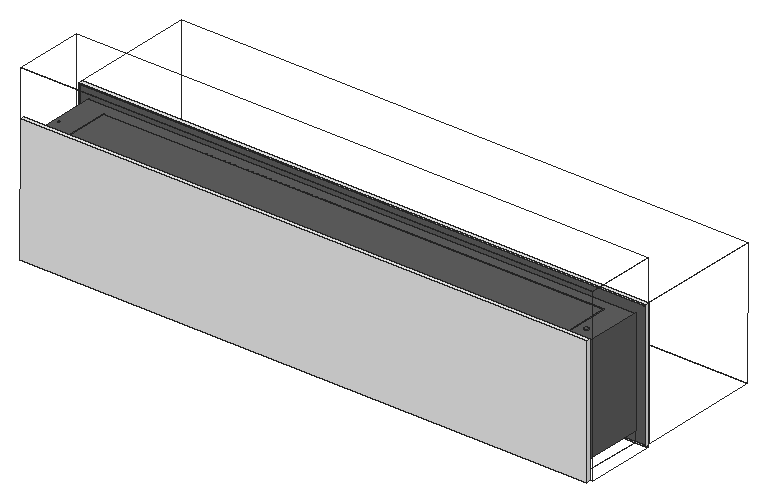
Revit family "AIRTECNICS_AIR CURTAIN_ZEN_DX-VRF_(TOSHIBA)123", category Mechanical Equipment, Revit 2016
Family settings
  Part Type = Normal
  Round Connector Dimension = Use Diameter
  OmniClass Number = 23.75.70.21.17
  OmniClass Title = Air Curtains
  Work Plane-Based = No
  Always vertical = Yes
  Cut with Voids When Loaded = No
  Shared = No
  Room Calculation Point = No
Parameters (values of type "ZEN ECG 2000 DX/VRF-TO")
  · POSITION · [instance] = "-/ Select Curtain Position /-"  # constant formula
  · PIPES POSITION · [instance] = "-/ Select Pipes Position /-"  # constant formula
  · OTHERS · [instance] = "-/ Select Supports - Inst.Maint. Space /-"  # constant formula
  · HEATING · [instance] = "-/ Select Heating /-"  # constant formula
  · EXTERNAL UNIT · [instance] = "-/ Select External Unit Type /-"  # constant formula
  · COIL ROWS · [instance] = "-/ Select DX Coil Rows /-"  # constant formula
  Weight [instance] = size_lookup(Name_Lookup_Data, "Weight", 1.00 kg, COD)  # 78.00 kg
  Voltage = 230 V  # constant formula
  URL_Manufacturer = "https://www.airtecnics.com/"
  URL_Datasheet = "https://www.airtecnics.com/download/file/5905/zen-dx-toshiba-1-1-and-vrf.pdf"
  Triple Phase (External Ut.) [instance] = yes
  Supports Length [instance] = 0.0 mm
  Supports (Horizontal) [instance] = if(and(Horizontal, Supports Length > 0.0 mm), 1 = 1, 1 = 0)  # no
  Single Phase (External Ut.) [instance] = not([Triple Phase (External Ut.)])  # no
  Revit Version = "Revit 2016 - English"  # constant formula
  Review Date = "10/2018"  # constant formula
  Remote Control = "-"  # constant formula
  URL = "https://www.airtecnics.com/products/heat-pump-air-curtain-zen-dx-for-toshiba"
  Refrigerant Pipes_P4 [instance] = no
  Refrigerant Pipes_P3 [instance] = no
  Refrigerant Pipes_P2 [instance] = if(or(Refrigerant Pipes_P1, Refrigerant Pipes_P3, Refrigerant Pipes_P4), 1 = 0, 1 = 1)  # yes
  Refrigerant Pipes_P1 [instance] = no
  REF [instance] = if(DX 1:1, 1, 0) + if(L = 1000.0 mm, 10, 0) + if(L = 1500.0 mm, 20, 0) + if(L = 2000.0 mm, 40, 0) + if(L = 2500.0 mm, 80, 0) + if([DX Coil Rows = 3], 100, 0) + if([Triple Phase (External Ut.)], 1000, 0)  # 1041
  Product Size = if(L = 1000.0 mm, "1000", if(L = 1500.0 mm, "1500", if(L = 2000.0 mm, "2000", "2500")))  # "2000"
  Product Reference [instance] = size_lookup(Name_Lookup_Ref, "", "Consult Manufacturer", COD, OPT)  # "ZEN ECG 2000 DX22-TO"
  Product Heating [instance] = if(DX 1:1, "Direct Expansion 1:1 system", "Direct Expansion VRF system")  # "Direct Expansion 1:1 system"
  Product Description [instance] = size_lookup(Name_Lookup_Data, "", "Consult Manufacturer", COD, OPT)  # "Decorative energy saving heat pump air curtain in contemporary architectural style: Up to 70% reduction in costs and CO2 emissions (heating mode).\r\nIts minimalist and smart design integrates in any environment and offers infinite options to customize.\r\nThe panels can include logos, lighting, signage, safety or information signs, graphics, pictures, clocks, all according to customer specifications.\r\nFront anodized aluminium panels. Optionally manufactured in brushed or mirror polished stainless steel. Other materials are possible, such as galvanized steel, smooth or texturated skinplate, wood, etc.\r\nCentral structure made of galvanized steel finished in black forge as standard. Other colours are available on request. \r\nAnodized aluminium outlet vanes, airfoil shaped, adjustable in both directions.\r\nDouble-inlet centrifugal fans driven by an external rotor motor and low noise level. 5-speed selector. EC models assembled with very low consumption efficiency fans. \r\nIncludes only heating direct expansion coil with installed temperature sensors.\r\nPlug&Play control panel CS-5DX-NE slave DX with 5 speeds selector and 7m telephone cable included.\r\nReady to connect to TOSHIBA Inverter outdoor heat pump unit (R410A) with expansion valve, not included, the customer should purchase it.\r\nRequires TOSHIBA DX Interface KIT adapted for air curtain RAV-DXC010 and RBC-AMT32-E programmable control, please consult.\r\nAir Volume: 4380 m3/h \r\nFans:  0,426 kW  3,72 A 230Vx1 50/60Hz\r\nHeating capacity: 22,40 kW\r\nDimensions: 291x473x2120 mm (depth, height, length)\r\nNOT SUPPLIED BY AIRTÈCNICS:\r\nRAV-DXC010 Interface DX kit and RBC-AMT32-E programmable control.\r\nExternal unit:\r\n RAV-SM2244AT8-EExternal unit with direct expansion valve Toshiba, triple phase motor 400Vx3 50Hz.\r\nHeating capacity 22,4kW. Heating power: 6,49kW. COP 3,45.\r\nCooling capacity 20kW. Cooling power 7,2kW. EER 2,78.\r\nCooling circuits 1\"1/8 - 1/2\".\r\nMinimum length 7,5m.\r\nMaximum length 70m.\r\nDesnivell màxim 30m."
  Power Fans Factor [instance] = 0.5  # constant formula
  Power Fans [instance] = size_lookup(Name_Lookup_Data, "Power Fans", 1 kW, COD)  # 0.426 kW
  OPT [instance] = if([Alternative Triple Phase (External Ut.) ECG 2000 DX], 1, 0)  # 0
  Noise Level (dB(A)) [instance] = size_lookup(Name_Lookup_Data, "Noise Level (dB(A))", 1, COD)  # 63
  Name_Lookup_Ref_EU = "ZEN_(DX TOSHIBA)_Ref-EU_Lookup"  # constant formula
  Name_Lookup_Ref = "ZEN_(DX TOSHIBA)_Ref_Lookup"  # constant formula
  Name_Lookup_Data = "ZEN_(DX TOSHIBA)_Data_Lookup"  # constant formula
  Model = "Air Curtain ZEN DX/VRF TOSHIBA"  # constant formula
  Material Panels [instance] = AIRTECNICS_Alumium Anodized
  Material Grille = AIRTECNICS_Perforated_Black Forge
  Material Curtain [instance] = AIRTECNICS_Black Forge
  Mainfolds [instance] = if(or(L = 1000.0 mm, L = 1500.0 mm), "5/8'' & 3/8''", "1''1/8 & 1/2")  # "1''1/8 & 1/2"
  Length = if(L = 1000.0 mm, 1220.0 mm, if(L = 1500.0 mm, 1620.0 mm, if(L = 2000.0 mm, 2120.0 mm, 2620.0 mm)))  # 2120.0 mm
  Height = 473.0 mm  # constant formula
  Gas Coil Volume [instance] = size_lookup(Name_Lookup_Data, "Gas Coil Volume", 1000.00 L, COD)  # 4.10 L
  G = 1 = 1  # yes
  Frequency = 50 Hz  # constant formula
  Fans Stage = 5  # constant formula
  Family Version = "1.0"  # constant formula
  External Ut. Reference [instance] = size_lookup(Name_Lookup_Ref_EU, "", "Consult Manufacturer", REF, OPT)  # "RAV-SP2244AT8-E"
  Expansion Valve [instance] = if(and(L < 2500.0 mm, DX VRF), "MM-DXV140", if(and(L > 2499.0 mm, DX VRF), "MM-DXV280", "Included on External Unit"))  # "Included on External Unit"
  EC = 1 = 1  # yes
  Dn_Metric_Refrig_Liquid [instance] = 15 mm
  Dn_Metric_Refrig_Gas [instance] = 30 mm
  Depth = 291.0 mm  # constant formula
  DX VRF [instance] = no
  DX Kit [instance] = if(DX VRF, "MM-DXC010", "RAV-DXC010")  # "RAV-DXC010"
  DX Controller [instance] = "RBC-AMT32-E"  # constant formula
  DX Coil Rows = 4 [instance] = yes
  DX Coil Rows = 3 [instance] = if([DX Coil Rows = 4], 1 = 0, 1 = 1)  # no
  DX 1:1 [instance] = not(DX VRF)  # yes
  Current Fans [instance] = size_lookup(Name_Lookup_Data, "Current Fans", 1 A, COD)  # 3.72 A
  Created by = "BIMETRICAL"  # constant formula
  Control [instance] = "CS-5DX-NE"  # constant formula
  Capacity_Frig_Liquid [instance] = 0.0 L/s
  Capacity_Frig_Gas [instance] = 0.0 L/s
  Cable = "CB7"  # constant formula
  COD [instance] = if(DX 1:1, 1, 0) + if(L = 1000.0 mm, 10, 0) + if(L = 1500.0 mm, 20, 0) + if(L = 2000.0 mm, 40, 0) + if(L = 2500.0 mm, 80, 0) + if([DX Coil Rows = 3], 100, 0)  # 41
  Aspiration/Maintenance Space [instance] = yes
  Apparent Load [instance] = size_lookup(Name_Lookup_Data, "Apparent Load", 1 VA, COD)  # 852 VA
  Alternative Triple Phase (External Ut.) ECG 2000 DX [instance] = no
  Airflow [instance] = size_lookup(Name_Lookup_Data, "Airflow", 1 m³/h, COD)  # 4380 m³/h
  A [instance] = if(Horizontal, 236.5 mm, 0.0 mm)  # 236.5 mm
  L = 2000.0 mm
  Type Image = <None>
  IfcExportType = "DXCOOLINGCOIL"  # constant formula
  IfcExportAs = "IfcCoilType"  # constant formula
  Horizontal [instance] = 1 = 1  # yes
  Manufacturer = "AIRTECNICS"  # constant formula
  Description = ""
  Type Comments = "Decorative air curtain in contemporary architectural style. Its minimalist and smart design integrates in any environment and offers infinite options to customize.\r\nThe panels can include logos, lighting, signage, safety or information signs, graphics, pictures, clocks, all according to customer specifications.\r\nFront anodized aluminium panels. Optionally manufactured in brushed or mirror polished stainless steel. Other materials are possible, such as galvanized steel, smooth or texturated skinplate, wood, etc.\r\nCentral structure made of galvanized steel finished in black forge as standard. Other colours are available on request.\r\nAnodized aluminium outlet vanes, airfoil shaped, adjustable in both directions.\r\nDouble-inlet centrifugal fans driven by an external rotor motor and low noise level. 5-speed selector. EC models assembled with very low consumption efficiency fans.\r\n“P” type with water heated coil. “E” type with electrical shielded elements, three stages with integrated regulation. “A” type without heating, air only. Optional expansion DX coil.\r\nIncludes Plug&Play control with 7m RJ45 cable and infrared remote control. Optional: Clever control (programmable, automatic, intelligent, energy saving, Modbus RTU for BMS…)"  # constant formula
  BIMETRICAL Category = "Coil"  # constant formula
  BIMETRICAL = "http://www.bimetrical.com"  # constant formula
  Angle [instance] = if(Horizontal, 0.00°, 90.00°)  # 0.00°
Reference planes
  plane 1 "Centro (Frontal/Posterior)": z = 0
  plane 2: y = 246.57
  plane 3 "Centro (Izquierda/Derecha)": x = 0
  plane 4 "Susp": z = 236.5
Lines and regions (mm)
  reference lines
    curve 1: line (0, 246.57, 236.5) -> (-145, 246.57, 236.5)
Dimensions and locks
  locked: plane 2 to nested 1 at 145.5
  "A": plane 4 "Susp" to plane 1 "Centro (Frontal/Posterior)"
  "Angle": angle plane 4 "Susp" to curve 1
  aligned and locked: plane 3 "Centro (Izquierda/Derecha)" to curve 1
  aligned and locked: plane 4 "Susp" to curve 1
Nested families
  nested 1: "GEOM_ZEN_(DX)" at (0, 246.57, 236.5) x (0, 0, -1) z (1, 0, 0), type "GEOM_ZEN_(P)"
    with M 2066.5 mm, J 1014.0 mm, G 1022.0 mm, Dn_Metric_Refrig_Liquid 15 mm, Dn_Metric_Refrig_Gas 30 mm, COD 424, L 2000.0 mm, I 2044.0 mm, F 1990.0 mm, E 2120.0 mm, A 2015.0 mm
Connectors
  electrical at (-1007.5, 215.07, 433), driven by "Apparent Load", driven by "Voltage", driven by "Power Fans Factor", driven by "Apparent Load"
    settings: on nested 1, index 3, voltage 230 V, apparent load 852 VA, apparent load phase1 852 VA, apparent load phase2 0 VA, apparent load phase3 0 VA, power factor 0.5, load classification "HVAC", number of poles 1, system type 30, power factor state 1, is connector primary yes, connector utility no, sub classification motor no, connector description ""
  piping at (967, 155.07, 433), diameter 30, driven by "Dn_Metric_Refrig_Gas", driven by "Capacity_Frig_Gas"
    settings: on nested 1, index 4, connector inside diameter 609.6 mm, connector length 0.0 mm, flow factor 0, pipe flow 0.0 L/s, pressure drop 0.0 Pa, fitting loss kfactor 0, connector angle 0.00°, fixture units 0, engagement length 0.0 mm, angle of deflection 0.00°, flow configuration 1, flow direction 1, fitting loss method 0, system type 7, joint type 0, gender type 0, connector reference index -1, connector utility 0, adjustable connector no, is connector primary yes, connector description "In"
  piping at (967, 215.07, 433), diameter 15, driven by "Dn_Metric_Refrig_Liquid", driven by "Capacity_Frig_Liquid"
    settings: on nested 1, index 5, connector inside diameter 609.6 mm, connector length 0.0 mm, flow factor 0, pipe flow 0.0 L/s, pressure drop 0.0 Pa, fitting loss kfactor 0, connector angle 0.00°, fixture units 0, engagement length 0.0 mm, angle of deflection 0.00°, flow configuration 1, flow direction 2, fitting loss method 0, system type 8, joint type 0, gender type 0, connector reference index -1, connector utility 0, adjustable connector no, is connector primary no, connector description "Out"
Definition of nested family "GEOM_ZEN_(DX)"
  Parameters (values of type "GEOM_ZEN_(DX)")
    des.D = if(or(and(Vertical Right, V1), Horizontal), 361.0 mm, 0.0 mm)  # 361.0 mm
    des.C = if(or(and(Vertical Right, V1), Horizontal), 0.0 mm, 392.0 mm)  # 0.0 mm
    des.B = if(or(and(Vertical Right, V1), Horizontal), 0.0 mm, 298.3 mm)  # 0.0 mm
    Z = if(Horizontal, 0.0 mm, if(L = 1000.0 mm, E / 2 + 18.0 mm, E / 2 + 20.0 mm))  # 830.0 mm
    Vsup1 = if(and(Vsup, Horizontal, L_Sup > 0.0 mm), 1 = 1, 1 = 0)  # no
    Vsup = no
    Vs2 = if(L > 2000.0 mm, 1 = 1, 1 = 0)  # no
    Vs1 = if(L > 1000.0 mm, 1 = 1, 1 = 0)  # yes
    Vinst2 = if(or(Vinst1, not([Aspiration/Maintenance Space])), 1 = 0, 1 = 1)  # yes
    Vinst1 = if(and([Aspiration/Maintenance Space], V2), 1 = 1, 1 = 0)  # no
    Vertical Right = yes
    Vertical Left = if(Vertical Right, 1 = 0, 1 = 1)  # no
    Vertical = if(and(not(Horizontal), or(Vertical Right, Vertical Left)), 1 = 1, 1 = 0)  # yes
    V2 = if(Horizontal, 1 = 0, if(or(Horizontal, Vertical Left), 1 = 1, 1 = 0))  # no
    V1 = if(Horizontal, 1 = 1, if(and(Vertical Right, Vertical), 1 = 1, 1 = 0))  # yes
    Revit Version = "Revit 2016 - English"  # constant formula
    Review Date = "10/18"  # constant formula
    Refrigerant Pipes_P4 = no
    Refrigerant Pipes_P3 = no
    Refrigerant Pipes_P2 = yes
    Refrigerant Pipes_P1 = no
    O = if(L = 1000.0 mm, 54.5 mm, 52.5 mm)  # 52.5 mm
    Model = "ZEN DX"  # constant formula
    Material Perforated = none
    Material Panels = none
    Material Curtain = none
    Family Version = "2.0"  # constant formula
    Manufacturer = "AIRTECNICS"  # constant formula
    M = if(L = 1000.0 mm, L + 162.5 mm, L + 66.5 mm)  # 1566.5 mm
    Lookup_Dimensions.C2_Name = "C2_Dimensions_Lookup"  # constant formula
    Lookup_Dimensions.C1_Name = "C1_Dimensions_Lookup"  # constant formula
    L_Sup = 0.0 mm
    K = if(L = 2500.0 mm, 833.0 mm, 0.0 mm)  # 0.0 mm
    J = if(L = 1500.0 mm, 764.0 mm, if(L = 2000.0 mm, 1014.0 mm, if(L = 2500.0 mm, 847.0 mm, 573.5 mm)))  # 764.0 mm
    H = des.A + 51.0 mm  # 428.5 mm
    G = if(Vertical, I + 58.0 mm, F / 2 + 27.0 mm)  # 1602.0 mm
    Dn_Metric_Refrig_Liquid = 20 mm
    Dn_Metric_Refrig_Gas = 20 mm
    Created by = "BIMETRICAL"  # constant formula
    COD = if(and(Vertical Right, Vertical), 1, 0) + if(and(Vertical Left, Vertical), 2, 0) + if(Horizontal, 4, 0) + if(Refrigerant Pipes_P1, 10, 0) + if(Refrigerant Pipes_P2, 20, 0) + if(Refrigerant Pipes_P3, 40, 0) + if(Refrigerant Pipes_P4, 80, 0) + if(L = 1000.0 mm, 100, 0) + if(L = 1500.0 mm, 200, 0) + if(L = 2000.0 mm, 400, 0) + if(L = 2500.0 mm, 800, 0)  # 221
    C2_D = size_lookup(Lookup_Dimensions.C2_Name, "C2_D", 98.0 mm, COD)  # 98.0 mm
    C2_C = size_lookup(Lookup_Dimensions.C2_Name, "C2_C", 34.5 mm, COD)  # 34.5 mm
    C2_B = size_lookup(Lookup_Dimensions.C2_Name, "C2_B", 34.5 mm, COD)  # 34.5 mm
    C2_A = size_lookup(Lookup_Dimensions.C2_Name, "C2_A", 55.0 mm, COD)  # 55.0 mm
    C1_D = size_lookup(Lookup_Dimensions.C1_Name, "C1_D", 38.0 mm, COD)  # 38.0 mm
    C1_C = size_lookup(Lookup_Dimensions.C1_Name, "C1_C", 34.5 mm, COD)  # 34.5 mm
    C1_B = size_lookup(Lookup_Dimensions.C1_Name, "C1_B", 34.5 mm, COD)  # 34.5 mm
    C1_A = size_lookup(Lookup_Dimensions.C1_Name, "C1_A", 55.0 mm, COD)  # 55.0 mm
    L = 1500.0 mm
    des.A = if(or(and(Vertical Right, V1), Horizontal), 377.5 mm, 0.0 mm)  # 377.5 mm
    I = if(L = 1000.0 mm, L + 140.0 mm, L + 44.0 mm)  # 1544.0 mm
    Horizontal = no
    F = I - 54.0 mm  # 1490.0 mm
    E = if(L = 1000.0 mm, L + 220.0 mm, L + 120.0 mm)  # 1620.0 mm
    Default Elevation = 1219.2 mm
    BIMETRICAL = "http://www.bimetrical.com/"  # constant formula
    Aspiration/Maintenance Space = yes
    A.Conn_S = if(or(and(Vertical Right, V1), Horizontal), 180.00°, 0.00°)  # 180.00°
    A.Conn_E = if(or(and(Vertical Right, V1), Horizontal), 180.00°, 0.00°)  # 180.00°
    A.Conn_2 = size_lookup(Lookup_Dimensions.C2_Name, "A.Conn_2", 0.00°, COD)  # 0.00°
    A.Conn_1 = size_lookup(Lookup_Dimensions.C1_Name, "A.Conn_1", 0.00°, COD)  # 0.00°
    A = if(L = 1000.0 mm, L + 115.0 mm, L + 15.0 mm)  # 1515.0 mm
  Types (2, lengths in mm): name | Z | Vertical Right | Vertical Left | Vertical | G | COD | Horizontal
    GEOM_ZEN_(DX) | 830.0 | yes | no | yes | 1602.0 | 221 | no
    GEOM_ZEN_(P) | 0.0 | no | yes | no | 772.0 | 224 | yes
  Reference planes
    plane 1 "Centro (Frontal/Posterior)": y = 0
    plane 2: z = 0
    plane 3 "Centro (Izquierda/Derecha)": x = 0
    plane 4: z = 830
    plane 5: y = -73.25
    plane 6: x = -196.5
    plane 7: z = 1547
    plane 8 "TUBERIA 1": y = -91.5
    plane 9: z = 1602
    plane 10 "TUBERIA 2": x = -162
    plane 11: x = -196.5
    plane 12: y = -129.5
    plane 13: x = 181
    plane 14: x = 196.495
    plane 15: x = -162
    plane 16: z = 1547
    plane 17: y = -31.5
    plane 18: z = 2639.027
    plane 19: z = 20
    plane 20: z = 1639
    plane 21: z = 838
    plane 22: z = 838
    plane 23: z = 72.5
    plane 24: y = -31.5
    plane 25: y = -91.5
  Forms (mm)
    Extrusion 1, solid
      sketch origin (0, 0, 0) x (1, 0, 0) y (0, 1, 0)
        loop
          line (-1219.2, 1219.2) -> (-1219.2, -1219.2) -> (1219.2, -1219.2) -> (1219.2, 1219.2) -> (-1219.2, 1219.2)
      from 0 to -304.8
    Extrusion 2, solid, material <- "Material Panels"
      sketch origin (0, 0, 889.252) x (0, -1, 0) y (1, 0, 0)
        loop
          line (-145.5, 236.5) -> (-145.5, -236.5) -> (-129.5, -236.5) -> (-129.5, 236.5) -> (-145.5, 236.5)
        loop
          line (145.5, 236.5) -> (129.5, 236.5) -> (129.5, -236.5) -> (145.5, -236.5) -> (145.5, 236.5)
      from -869.252 to 750.748
    Extrusion 3, solid, material <- "Material Curtain"
      sketch origin (0, 0, 889.252) x (0, -1, 0) y (0, 0, 1)
        loop
          line (-129.5, 712.748) -> (-129.5, -831.252) -> (129.5, -831.252) -> (129.5, 712.748) -> (-129.5, 712.748)
      from -196.5 to 196.5
    Extrusion 4, void, detail levels medium+fine
      sketch origin (-64.7, -73.5, 0) x (1, 0, 0) y (0, 1, 0)
        loop
          line (261.195, -34.75) -> (261.195, 35.25) -> (245.7, 35.25) -> (245.7, -34.75) -> (261.195, -34.75)
      from 85 to 1575
    Extrusion 5, solid, visible <- "V1", detail levels medium+fine
      sketch origin (0, 0, 1310) x (0, -1, 0) y (-1, 0, 0)
        loop
          line (58.464, -173.27) -> (61.756, -192)
          arc (61.756, -192) -> (63.451, -193.452) -> (65.121, -191.97) r 1.698
          line (65.121, -191.97) -> (68.095, -172.627)
          arc (68.095, -172.627) -> (62.951, -168.018) -> (58.464, -173.27) r 4.828
        loop
          line (78.553, -172.822) -> (81.504, -192.726)
          arc (81.504, -192.726) -> (83.138, -193.439) -> (84.08, -191.926) r 1.363
          line (84.08, -191.926) -> (87.529, -172.626)
          arc (87.529, -172.626) -> (82.938, -168.001) -> (78.553, -172.822) r 4.495
      from -265 to 1225
    Extrusion 6, solid, visible <- "V2", detail levels medium+fine
      sketch origin (0, 0, 1310) x (0, 1, 0) y (1, 0, 0)
        loop
          arc (-58.774, -173.603) -> (-59.776, -170.312) -> (-62.811, -168.693) r 4.495
          line (-62.811, -168.693) -> (-63.684, -168.693)
          arc (-63.684, -168.693) -> (-66.482, -170.045) -> (-67.734, -172.889) r 4.495
          line (-67.734, -172.889) -> (-64.759, -192.231)
          arc (-64.759, -192.231) -> (-63.451, -193.452) -> (-62.062, -192.325) r 1.363
          line (-62.062, -192.325) -> (-58.774, -173.603)
        loop
          arc (-84.395, -192.262) -> (-83.058, -193.451) -> (-81.696, -192.291) r 1.363
          line (-81.696, -192.291) -> (-78.88, -173.603)
          arc (-78.88, -173.603) -> (-79.882, -170.312) -> (-82.917, -168.693) r 4.495
          line (-82.917, -168.693) -> (-83.79, -168.693)
          arc (-83.79, -168.693) -> (-86.614, -170.073) -> (-87.844, -172.966) r 4.495
          line (-87.844, -172.966) -> (-84.395, -192.262)
      from -265 to 1225
    Extrusion 7, solid, material <- "Material Curtain", visible <- "Vertical"
      sketch origin (-779.074, -4572, 1549) x (-1, 0, 0) y (0, -1, 0)
        loop
          line (-586.574, -4698.5) -> (-586.574, -4445.5) -> (-971.574, -4445.5) -> (-971.574, -4698.5) -> (-586.574, -4698.5)
      from -1491 to -1549
    Extrusion 8, void
      sketch origin (0, 0, 0) x (1, 0, 0) y (0, 1, 0)
        loop
          line (-235.5, -129.5) -> (-235.5, -130.5) -> (235.5, -130.5) -> (235.5, -129.5) -> (-235.5, -129.5)
        loop
          line (-235.5, 129.5) -> (235.5, 129.5) -> (235.5, 130.5) -> (-235.5, 130.5) -> (-235.5, 129.5)
      from 21.044 to 1639.012
    Extrusion 9, void, detail levels medium+fine
      sketch origin (0, -0.321, 0) x (0, 1, 0) y (0, 0, 1)
        loop
          line (-102.318, 1514.4) -> (-102.318, 145.6) -> (90.521, 145.6) -> (90.521, 1514.4) -> (-102.318, 1514.4)
      from -101.8 to -196.5
    Extrusion 10, solid, material <- "Material Perforated"
      sketch origin (-60, 0, 0) x (0, 1, 0) y (0, 0, 1)
        loop
          line (-102.639, 1514.4) -> (-102.639, 145.6) -> (90.2, 145.6) -> (90.2, 1514.4) -> (-102.639, 1514.4)
      from -136.5 to -135.5
    Extrusion 11, solid, detail levels medium+fine
      sketch origin (-64.7, -73.5, 1575) x (0, 1, 0) y (1, 0, 0)
        loop
          line (16.25, 261.2) -> (-15.75, 261.2) -> (-15.75, 229.2) -> (16.25, 229.2) -> (16.25, 261.2)
      from 0 to 3
    Extrusion 12, solid, detail levels medium+fine
      sketch origin (-64.7, -73.5, 85) x (1, 0, 0) y (0, 1, 0)
        loop
          line (229.2, 16.25) -> (229.2, -15.75) -> (261.2, -15.75) -> (261.2, 16.25) -> (229.2, 16.25)
      from 0 to 3
    Extrusion 13, solid, visible <- "Vs1", detail levels medium+fine
      sketch origin (0, -702.852, 838) x (0, -1, 0) y (1, 0, 0)
        loop
          line (-645.602, 164.5) -> (-613.602, 164.5) -> (-613.602, 196.5) -> (-645.602, 196.5) -> (-645.602, 164.5)
      from 0 to -3
    Extrusion 14, solid, material <- "Material Curtain", visible <- "Vs1", detail levels medium+fine
      sketch origin (0, -702.852, 835) x (1, 0, 0) y (0, -1, 0)
        loop
          line (196.5, -664.602) -> (196.5, -594.602) -> (164.5, -594.602) -> (164.5, -664.602) -> (196.5, -664.602)
      from 0 to 10
    Extrusion 15, solid, visible <- "Vs1", detail levels medium+fine
      sketch origin (0, -702.852, 825) x (0, 1, 0) y (1, 0, 0)
        loop
          line (645.602, 164.5) -> (645.602, 196.5) -> (613.602, 196.5) -> (613.602, 164.5) -> (645.602, 164.5)
      from 0 to 3
    Extrusion 16, solid, visible <- "Vs2", detail levels medium+fine
      sketch origin (0, -702.852, 838) x (0, -1, 0) y (1, 0, 0)
        loop
          line (-645.602, 164.5) -> (-613.602, 164.5) -> (-613.602, 196.5) -> (-645.602, 196.5) -> (-645.602, 164.5)
      from 0 to -3
    Extrusion 17, solid, material <- "Material Curtain", visible <- "Vs2", detail levels medium+fine
      sketch origin (0, -702.852, 835) x (1, 0, 0) y (0, -1, 0)
        loop
          line (164.5, -664.602) -> (196.5, -664.602) -> (196.5, -594.602) -> (164.5, -594.602) -> (164.5, -664.602)
      from 0 to 10
    Extrusion 18, solid, visible <- "Vs2", detail levels medium+fine
      sketch origin (0, -702.852, 825) x (0, 1, 0) y (1, 0, 0)
        loop
          line (645.602, 164.5) -> (645.602, 196.5) -> (613.602, 196.5) -> (613.602, 164.5) -> (645.602, 164.5)
      from 0 to 3
    Extrusion 19, solid, material <- "Material Curtain"
      sketch origin (-196.5, -31.5, 72.5) x (0, 0, 1) y (0, 1, 0)
        loop
          line (2.5, -2.5) -> (2.5, 2.5) -> (-2.5, 2.5) -> (-2.5, -2.5) -> (2.5, -2.5)
      from 0 to -1
    Extrusion 20, solid, visible <- "Vsup1"
      sketch origin (-196.5, -101, 1255.5) x (0, 0, 1) y (0, 1, 0)
        loop
          circle (332, 202) r 4
        loop
          circle (332, 0) r 4
        loop
          circle (-1183, 0) r 4
        loop
          circle (-1183, 202) r 4
      from -1 to 0
    Extrusion 21, solid, visible <- "Vinst2"
      sketch origin (0, -31.5, 92.379) x (0, 0, 1) y (1, 0, 0)
        loop
          line (1509.621, 236.5) -> (1509.621, -196.5) -> (-34.379, -196.5) -> (-34.379, 236.5) -> (-82.379, 236.5) -> (-82.379, -398.063) -> (1557.621, -398.063) -> (1557.621, 236.5) -> (1509.621, 236.5)
      from -98 to 161
    Extrusion 22, solid, visible <- "Vinst1"
      sketch origin (0, -31.5, 92.379) x (0, 0, 1) y (1, 0, 0)
        loop
          line (1509.621, -236.5) -> (1557.621, -236.5) -> (1557.621, 398.063) -> (-82.379, 398.063) -> (-82.379, -236.5) -> (-34.379, -236.5) -> (-34.379, 196.5) -> (1509.621, 196.5) -> (1509.621, -236.5)
      from -98 to 161
    Extrusion 23, solid, visible <- "Aspiration/Maintenance Space"
      sketch origin (0, 0, 1640) x (0, -1, 0) y (1, 0, 0)
        loop
          line (-129.5, 236.5) -> (-609.5, 236.5) -> (-609.5, -236.5) -> (-129.5, -236.5) -> (-129.5, 236.5)
      from 0 to -1620
    Extrusion 24, solid, material <- "Material Curtain"
      sketch origin (-196.5, -31.5, 1547) x (0, 1, 0) y (0, 0, -1)
        loop
          circle (0, 0) r 10
      from 0 to -1
    Extrusion 25, solid, material <- "Material Curtain"
      sketch origin (-196.5, -91.5, 1547) x (0, 1, 0) y (0, 0, -1)
        loop
          circle (0, 0) r 10
      from 0 to -1
    Extrusion 26, solid, material <- "Material Curtain"
      sketch origin (0, 0, 1639.012) x (0, 1, 0) y (1, 0, 0)
        loop
          line (130.5, 235.5) -> (129.5, 235.5) -> (129.5, -235.5) -> (130.5, -235.5) -> (130.5, 235.5)
        loop
          line (-129.5, 235.5) -> (-130.5, 235.5) -> (-130.5, -235.5) -> (-129.5, -235.5) -> (-129.5, 235.5)
      from 0 to 1617.967
  Cuts and joins
    Extrusion 4, Extrusion 8 cuts Extrusion 2
    Extrusion 4, Extrusion 9 cuts Extrusion 3
  Lines and regions (mm)
    reference lines
      curve 1: line (-162, -31.5, 1547) -> (-196.5, -31.5, 1547)
      curve 2: line (-196.5, -31.5, 72.5) -> (0, -31.5, 72.5)
      curve 3: line (-196.5, -101, 1255.5) -> (0, -101, 1255.5)
      curve 83: line (-162, -91.5, 1547) -> (-196.5, -91.5, 1547)
    symbolic lines
      curve 4: line (-236.5, 145.5, 1255.5) -> (236.5, 145.5, 1255.5)
      curve 5: line (-236.5, 129.5, 1255.5) -> (-236.5, 145.5, 1255.5)
      curve 6: line (236.5, 129.5, 1255.5) -> (-236.5, 129.5, 1255.5)
      curve 7: line (236.5, 145.5, 1255.5) -> (236.5, 129.5, 1255.5)
      curve 8: line (-196.5, 129.5, 1255.5) -> (196.5, 129.5, 1255.5)
      curve 9: line (-196.5, -129.5, 1255.5) -> (-196.5, 129.5, 1255.5)
      curve 10: line (196.5, -129.5, 1255.5) -> (-196.5, -129.5, 1255.5)
      curve 11: line (196.5, 129.5, 1255.5) -> (196.5, -129.5, 1255.5)
      curve 12: line (-236.5, -145.5, 1255.5) -> (236.5, -145.5, 1255.5)
      curve 13: line (-236.5, -129.5, 1255.5) -> (-236.5, -145.5, 1255.5)
      curve 14: line (236.5, -129.5, 1255.5) -> (-236.5, -129.5, 1255.5)
      curve 15: line (236.5, -145.5, 1255.5) -> (236.5, -129.5, 1255.5)
      curve 16: line (0, 145.5, 1640) -> (0, 129.5, 1640)
      curve 17: line (0, 145.5, 20) -> (0, 145.5, 1640)
      curve 18: line (0, 129.5, 20) -> (0, 145.5, 20)
      curve 19: line (0, 129.5, 1640) -> (0, 129.5, 20)
      curve 20: line (0, -145.5, 1640) -> (0, -129.5, 1640)
      curve 21: line (0, -145.5, 20) -> (0, -145.5, 1640)
      curve 22: line (0, -129.5, 20) -> (0, -145.5, 20)
      curve 23: line (0, -129.5, 1640) -> (0, -129.5, 20)
      curve 24: line (0, -129.5, 1602) -> (0, 129.5, 1602)
      curve 25: line (0, -129.5, 58) -> (0, -129.5, 1602)
      curve 26: line (0, 129.5, 58) -> (0, -129.5, 58)
      curve 27: line (0, 129.5, 1602) -> (0, 129.5, 58)
      curve 70: line (0, -58.444, 1575) -> (0, -68.095, 1575)
      curve 71: line (0, -58.444, 85) -> (0, -58.444, 1575)
      curve 72: line (0, -68.095, 85) -> (0, -58.444, 85)
      curve 73: line (0, -68.095, 1575) -> (0, -68.095, 85)
      curve 74: line (0, -78.541, 1575) -> (0, -87.838, 1575)
      curve 75: line (0, -78.541, 85) -> (0, -78.541, 1575)
      curve 76: line (0, -87.838, 85) -> (0, -78.541, 85)
      curve 77: line (0, -87.838, 1575) -> (0, -87.838, 85)
    symbolic lines, visible <- "Vertical"
      curve 28: line (0, 126.5, 0) -> (0, -126.5, 0)
      curve 29: line (0, 126.5, 58) -> (0, 126.5, 0)
      curve 30: line (0, -126.5, 58) -> (0, 126.5, 58)
      curve 31: line (0, -126.5, 0) -> (0, -126.5, 58)
    symbolic lines, visible <- "Aspiration/Maintenance Space"
      curve 32: line (-236.5, 129.5, 1255.5) -> (236.5, 129.5, 1255.5)
      curve 33: line (-236.5, 609.5, 1255.5) -> (-236.5, 129.5, 1255.5)
      curve 34: line (236.5, 609.5, 1255.5) -> (-236.5, 609.5, 1255.5)
      curve 35: line (236.5, 129.5, 1255.5) -> (236.5, 609.5, 1255.5)
      curve 44: line (0, 129.5, 1640) -> (0, 609.5, 1640)
      curve 45: line (0, 129.5, 20) -> (0, 129.5, 1640)
      curve 46: line (0, 609.5, 20) -> (0, 129.5, 20)
      curve 47: line (0, 609.5, 1640) -> (0, 609.5, 20)
    symbolic lines, visible <- "Vinst1"
      curve 36: line (196.5, 129.5, 1255.5) -> (398.063, 129.5, 1255.5)
      curve 37: line (196.5, -129.5, 1255.5) -> (196.5, 129.5, 1255.5)
      curve 38: line (398.063, -129.5, 1255.5) -> (196.5, -129.5, 1255.5)
      curve 39: line (398.063, 129.5, 1255.5) -> (398.063, -129.5, 1255.5)
      curve 48: line (-236.5, -31.5, 1650) -> (398.063, -31.5, 1650)
      curve 49: line (398.063, -31.5, 1650) -> (398.063, -31.5, 10)
      curve 50: line (398.063, -31.5, 10) -> (-236.5, -31.5, 10)
      curve 84: line (-236.5, -91.5, 1640) -> (-236.5, -91.5, 1650)
      curve 85: line (-236.5, -91.5, 10) -> (-236.5, -91.5, 20)
    symbolic lines, visible <- "Vinst2"
      curve 40: line (-398.063, 129.5, 1255.5) -> (-196.5, 129.5, 1255.5)
      curve 41: line (-398.063, -129.5, 1255.5) -> (-398.063, 129.5, 1255.5)
      curve 42: line (-196.5, -129.5, 1255.5) -> (-398.063, -129.5, 1255.5)
      curve 43: line (-196.5, 129.5, 1255.5) -> (-196.5, -129.5, 1255.5)
      curve 51: line (236.5, -31.5, 10) -> (-398.063, -31.5, 10)
      curve 52: line (-398.063, -31.5, 10) -> (-398.063, -31.5, 1650)
      curve 53: line (-398.063, -31.5, 1650) -> (236.5, -31.5, 1650)
      curve 78: line (236.5, -31.5, 10) -> (236.5, -31.5, 20)
      curve 86: line (236.5, -91.5, 2650) -> (236.5, -91.5, 2642)
      curve 87: line (236.5, -91.5, 1640) -> (236.5, -91.5, 1650)
    symbolic lines, visible <- "V2"
      curve 54: arc (-173.603, -58.774, 1255.5) -> (-168.686, -62.891, 1255.5) -> (-172.889, -67.734, 1255.5) r 4.495
      curve 55: arc (-192.231, -64.759, 1255.5) -> (-193.452, -63.451, 1255.5) -> (-192.325, -62.062, 1255.5) r 1.363
      curve 56: arc (-173.494, -78.864, 1255.5) -> (-168.679, -83.098, 1255.5) -> (-172.998, -87.838, 1255.5) r 4.495
      curve 57: arc (-192.262, -84.395, 1255.5) -> (-193.451, -83.058, 1255.5) -> (-192.291, -81.696, 1255.5) r 1.363
      curve 58: line (-172.889, -67.734, 1255.5) -> (-192.231, -64.759, 1255.5)
      curve 59: line (-192.325, -62.062, 1255.5) -> (-173.603, -58.774, 1255.5)
      curve 60: line (-172.998, -87.838, 1255.5) -> (-192.262, -84.395, 1255.5)
      curve 61: line (-192.291, -81.696, 1255.5) -> (-173.494, -78.864, 1255.5)
    symbolic lines, visible <- "V1"
      curve 62: arc (173.27, -58.464, 1255.5) -> (168.018, -62.951, 1255.5) -> (172.627, -68.095, 1255.5) r 4.828
      curve 63: arc (191.97, -65.121, 1255.5) -> (193.452, -63.451, 1255.5) -> (192, -61.756, 1255.5) r 1.698
      curve 64: arc (172.822, -78.553, 1255.5) -> (168.001, -82.938, 1255.5) -> (172.626, -87.529, 1255.5) r 4.495
      curve 65: arc (191.926, -84.08, 1255.5) -> (193.439, -83.138, 1255.5) -> (192.726, -81.504, 1255.5) r 1.363
      curve 66: line (172.627, -68.095, 1255.5) -> (191.97, -65.121, 1255.5)
      curve 67: line (192, -61.756, 1255.5) -> (173.27, -58.464, 1255.5)
      curve 68: line (172.626, -87.529, 1255.5) -> (191.926, -84.08, 1255.5)
      curve 69: line (192.726, -81.504, 1255.5) -> (172.822, -78.553, 1255.5)
    symbolic lines, visible <- "Vsup1"
      curve 79: circle (0, 101, 1587.5) r 4 normal (1, 0, 0)
      curve 80: circle (0, -101, 1587.5) r 4 normal (1, 0, 0)
      curve 81: circle (0, 101, 72.5) r 4 normal (1, 0, 0)
      curve 82: circle (0, -101, 72.5) r 4 normal (1, 0, 0)
  Dimensions and locks
    Extrusion 2 sketch curve to Extrusion 2 sketch curve = 473.0 mm  (x2)
    Extrusion 3 sketch curve to Extrusion 3 sketch curve = 1544.0 mm
    locked: Extrusion 3 to Extrusion 3 at 393
    "E": Extrusion 2 to Extrusion 2
    equal spacing: Extrusion 2, plane 4, Extrusion 2
    equal spacing: Extrusion 3, plane 4, Extrusion 3
    "I": Extrusion 3 to Extrusion 3
    locked: Extrusion 2 to Extrusion 2 at 473
    locked: Extrusion 2 to Extrusion 2 at 16  (x2)
    locked: Extrusion 2 to Extrusion 2 at 291
    "Z": plane 4 to level
    equal spacing: Extrusion 2, plane 3 "Centro (Izquierda/Derecha)", Extrusion 2
    equal spacing: Extrusion 3, plane 3 "Centro (Izquierda/Derecha)", Extrusion 3
    equal spacing: Extrusion 2, plane 1 "Centro (Frontal/Posterior)", Extrusion 2
    locked: plane 1 "Centro (Frontal/Posterior)" to plane 5 at 73.25
    equal spacing: Extrusion 6, plane 4, Extrusion 6
    "F": Extrusion 6 to Extrusion 6
    "C1_A": plane 9 to plane 7
    locked: plane 3 "Centro (Izquierda/Derecha)" to plane 11 at 196.5
    "C1_B": plane 11 to plane 10 "TUBERIA 2"
    locked: plane 1 "Centro (Frontal/Posterior)" to plane 12 at 129.5
    "G": plane 9 to level
    locked: plane 13 to plane 14 at 15.495
    locked: Extrusion 4 sketch curve to Extrusion 4 sketch curve at 70
    equal spacing: Extrusion 4 sketch curve, plane 5, Extrusion 4 sketch curve
    locked: Extrusion 7 to Extrusion 7 at 58
    locked: plane 11 to Extrusion 5 sketch curve at 364.507
    locked: plane 11 to Extrusion 5 sketch curve at 364.5
    locked: plane 11 to Extrusion 5 sketch curve at 389.952
    locked: plane 11 to Extrusion 5 sketch curve at 390
    "C2_B": plane 11 to plane 15
    "C2_A": plane 9 to plane 16
    "C2_D": plane 17 to plane 12
    "C2_C": curve 1 to curve 1
    locked: cut or joined group of Extrusion 2, Extrusion 4, Extrusion 8 to Extrusion 8 sketch curve at 1
    locked: Extrusion 8 sketch curve to cut or joined group of Extrusion 2, Extrusion 4, Extrusion 8 at 1
    plane 18 to cut or joined group of Extrusion 2, Extrusion 4, Extrusion 8 = 999.027 mm
    equal spacing: Extrusion 7, plane 1 "Centro (Frontal/Posterior)", Extrusion 7
    locked: Extrusion 7 to Extrusion 7 at 253
    equal spacing: Extrusion 7, plane 3 "Centro (Izquierda/Derecha)", Extrusion 7
    locked: Extrusion 7 to Extrusion 7 at 385
    locked: Extrusion 9 sketch curve to plane 9 at 87.6
    locked: Extrusion 9 sketch curve to cut or joined group of Extrusion 3, Extrusion 4, Extrusion 9 at 87.6
    locked: Extrusion 9 to Extrusion 9 at 94.7
    "des.B": plane 11 to Extrusion 9
    locked: Extrusion 10 to Extrusion 10 at 1
    "des.C": plane 11 to Extrusion 10
    locked: plane 9 to plane 20 at 37
    locked: cut or joined group of Extrusion 3, Extrusion 4, Extrusion 9 to plane 1 "Centro (Frontal/Posterior)" at 90.2
    locked: cut or joined group of Extrusion 3, Extrusion 4, Extrusion 9 to plane 1 "Centro (Frontal/Posterior)" at 102.639
    locked: Extrusion 11 sketch curve to Extrusion 11 sketch curve at 32  (x2)
    locked: Extrusion 11 sketch curve to plane 5 at 16
    locked: Extrusion 11 to cut or joined group of Extrusion 3, Extrusion 4, Extrusion 9 at 3
    locked: Extrusion 12 sketch curve to Extrusion 12 sketch curve at 32  (x2)
    locked: plane 5 to Extrusion 12 sketch curve at 16
    locked: cut or joined group of Extrusion 3, Extrusion 4, Extrusion 9 to Extrusion 12 at 3
    "des.D": cut or joined group of Extrusion 3, Extrusion 4, Extrusion 9 to Extrusion 11 sketch curve
    "des.D": plane 11 to Extrusion 12 sketch curve
    plane 9 to plane 4 to cut or joined group of Extrusion 3, Extrusion 4, Extrusion 9 = 772.0 mm, 772.0 mm
    "J": plane 9 to plane 21
    locked: Extrusion 13 sketch curve to Extrusion 13 sketch curve at 32  (x2)
    locked: plane 5 to Extrusion 13 sketch curve at 16
    locked: Extrusion 13 to plane 21 at 3
    "des.D": plane 11 to Extrusion 13 sketch curve
    locked: Extrusion 14 sketch curve to Extrusion 14 sketch curve at 32
    locked: Extrusion 14 sketch curve to plane 5 at 35
    locked: Extrusion 14 sketch curve to Extrusion 14 sketch curve at 70
    locked: Extrusion 14 to Extrusion 14 at 10
    locked: Extrusion 15 sketch curve to Extrusion 15 sketch curve at 32  (x2)
    locked: Extrusion 15 sketch curve to plane 5 at 16
    locked: Extrusion 15 to Extrusion 14 at 3
    locked: Extrusion 16 sketch curve to Extrusion 16 sketch curve at 32  (x2)
    locked: plane 5 to Extrusion 16 sketch curve at 16
    "des.D": plane 11 to Extrusion 16 sketch curve
    locked: Extrusion 16 to plane 22 at 3
    locked: Extrusion 17 sketch curve to Extrusion 17 sketch curve at 32
    locked: plane 5 to Extrusion 17 sketch curve at 35
    locked: Extrusion 17 sketch curve to Extrusion 17 sketch curve at 70
    locked: Extrusion 17 to Extrusion 17 at 10
    locked: Extrusion 18 to Extrusion 18 at 3
    "K": plane 21 to plane 22
    locked: plane 24 to cut or joined group of Extrusion 2, Extrusion 4, Extrusion 8 at 177
    locked: curve 2 to curve 2 at 196.5
    "M": plane 23 to plane 20
    "L_Sup": Extrusion 20 to cut or joined group of Extrusion 3, Extrusion 4, Extrusion 9
    cut or joined group of Extrusion 2, Extrusion 4, Extrusion 8 to Extrusion 20 sketch curve = 44.5 mm
    locked: Extrusion 20 sketch curve to cut or joined group of Extrusion 2, Extrusion 4, Extrusion 8 at 44.5  (x2)
    locked: cut or joined group of Extrusion 2, Extrusion 4, Extrusion 8 to Extrusion 20 sketch curve at 44.5
    locked: Extrusion 21 sketch curve to Extrusion 21 sketch curve at 48  (x2)
    locked: Extrusion 21 sketch curve to Extrusion 21 sketch curve at 634.563  (x2)
    locked: Extrusion 21 sketch curve to Extrusion 21 sketch curve at 201.563
    locked: Extrusion 22 sketch curve to Extrusion 22 sketch curve at 48  (x2)
    locked: Extrusion 22 sketch curve to Extrusion 22 sketch curve at 634.563  (x2)
    locked: Extrusion 22 sketch curve to Extrusion 22 sketch curve at 201.563
    locked: Extrusion 23 sketch curve to Extrusion 23 sketch curve at 480
    locked: plane 11 to curve 54 at 23.333
    locked: plane 11 to curve 56 at 23.333
    "C1_D": plane 25 to plane 12
    "des.A": plane 11 to plane 13
    plane 11 to Extrusion 6 sketch curve to Extrusion 6 sketch curve = 27.807 mm locked, 0.0 mm locked
    "C1_C": curve 83 to curve 83
    "O": cut or joined group of Extrusion 2, Extrusion 4, Extrusion 8 to Extrusion 20 sketch curve  (x4)
    locked: cut or joined group of Extrusion 2, Extrusion 4, Extrusion 8 to cut or joined group of Extrusion 2, Extrusion 4, Extrusion 8 at 1.044
    locked: cut or joined group of Extrusion 2, Extrusion 4, Extrusion 8 to cut or joined group of Extrusion 2, Extrusion 4, Extrusion 8 at 0.988
    "Dn_Metric_Refrig_Gas": diameter of Extrusion 25 sketch curve
    "Dn_Metric_Refrig_Liquid": diameter of Extrusion 24 sketch curve
    "A.Conn_2": angle plane 16 to curve 1
    "A.Conn_E": angle curve 2 to plane 24
    "A.Conn_1": angle plane 16 to curve 83
    aligned and locked: plane 2 to Extrusion 1
    aligned and locked: level to Extrusion 1
    aligned and locked: Extrusion 3 to Extrusion 2  (x2)
    aligned and locked: Extrusion 2 to Extrusion 2  (x2)
    aligned and locked: plane 14 to Extrusion 4 sketch curve  (x2)
    aligned and locked: cut or joined group of Extrusion 3, Extrusion 4, Extrusion 9 to Extrusion 6
    aligned and locked: cut or joined group of Extrusion 3, Extrusion 4, Extrusion 9 to Extrusion 5
    aligned and locked: Extrusion 6 to cut or joined group of Extrusion 3, Extrusion 4, Extrusion 9
    aligned and locked: Extrusion 5 to cut or joined group of Extrusion 3, Extrusion 4, Extrusion 9
    aligned and locked: plane 16 to curve 1
    aligned and locked: plane 15 to curve 1
    aligned and locked: cut or joined group of Extrusion 3, Extrusion 4, Extrusion 9 to Extrusion 10  (x3)
    aligned and locked: Extrusion 10 to cut or joined group of Extrusion 3, Extrusion 4, Extrusion 9
    aligned and locked: Extrusion 18 sketch curve to Extrusion 12  (x4)
    aligned and locked: plane 3 "Centro (Izquierda/Derecha)" to curve 2
    aligned and locked: plane 24 to curve 2
    aligned and locked: plane 3 "Centro (Izquierda/Derecha)" to curve 3
    aligned and locked: curve 4 to cut or joined group of Extrusion 2, Extrusion 4, Extrusion 8
    aligned and locked: curve 5 to cut or joined group of Extrusion 2, Extrusion 4, Extrusion 8
    aligned and locked: curve 6 to cut or joined group of Extrusion 2, Extrusion 4, Extrusion 8
    aligned and locked: curve 7 to cut or joined group of Extrusion 2, Extrusion 4, Extrusion 8
    aligned and locked: curve 8 to curve 6
    aligned and locked: curve 9 to cut or joined group of Extrusion 3, Extrusion 4, Extrusion 9
    aligned and locked: curve 10 to cut or joined group of Extrusion 3, Extrusion 4, Extrusion 9
    aligned and locked: curve 11 to cut or joined group of Extrusion 3, Extrusion 4, Extrusion 9
    aligned and locked: curve 12 to cut or joined group of Extrusion 2, Extrusion 4, Extrusion 8
    aligned and locked: curve 13 to cut or joined group of Extrusion 2, Extrusion 4, Extrusion 8
    aligned and locked: curve 14 to cut or joined group of Extrusion 2, Extrusion 4, Extrusion 8
    aligned and locked: curve 15 to cut or joined group of Extrusion 2, Extrusion 4, Extrusion 8
    aligned and locked: curve 16 to cut or joined group of Extrusion 2, Extrusion 4, Extrusion 8
    aligned and locked: curve 17 to cut or joined group of Extrusion 2, Extrusion 4, Extrusion 8
    aligned and locked: cut or joined group of Extrusion 2, Extrusion 4, Extrusion 8 to curve 18
    aligned and locked: curve 19 to cut or joined group of Extrusion 2, Extrusion 4, Extrusion 8
    aligned and locked: curve 20 to cut or joined group of Extrusion 2, Extrusion 4, Extrusion 8
    aligned and locked: curve 21 to cut or joined group of Extrusion 2, Extrusion 4, Extrusion 8
    aligned and locked: curve 22 to cut or joined group of Extrusion 2, Extrusion 4, Extrusion 8
    aligned and locked: curve 23 to cut or joined group of Extrusion 2, Extrusion 4, Extrusion 8
    aligned and locked: curve 24 to cut or joined group of Extrusion 3, Extrusion 4, Extrusion 9
    aligned and locked: curve 25 to curve 23
    aligned and locked: curve 26 to cut or joined group of Extrusion 3, Extrusion 4, Extrusion 9
    aligned and locked: curve 19 to curve 27
    aligned and locked: curve 28 to Extrusion 7
    aligned and locked: curve 29 to Extrusion 7
    aligned and locked: curve 30 to curve 26
    aligned and locked: curve 31 to Extrusion 7
    aligned and locked: Extrusion 21 sketch curve to plane 9
    aligned and locked: Extrusion 21 sketch curve to cut or joined group of Extrusion 3, Extrusion 4, Extrusion 9
    aligned and locked: Extrusion 21 to cut or joined group of Extrusion 2, Extrusion 4, Extrusion 8  (x2)
    aligned and locked: Extrusion 22 sketch curve to cut or joined group of Extrusion 3, Extrusion 4, Extrusion 9
    aligned and locked: Extrusion 22 to cut or joined group of Extrusion 2, Extrusion 4, Extrusion 8
    aligned and locked: Extrusion 23 to cut or joined group of Extrusion 2, Extrusion 4, Extrusion 8
    aligned and locked: curve 32 to curve 6
    aligned and locked: curve 35 to Extrusion 23
    aligned and locked: curve 33 to Extrusion 23
    aligned and locked: curve 8 to curve 36
    aligned and locked: curve 37 to curve 11
    aligned and locked: curve 38 to Extrusion 22
    aligned and locked: curve 39 to Extrusion 22
    aligned and locked: curve 41 to Extrusion 21
    aligned and locked: curve 10 to curve 42
    aligned and locked: curve 43 to curve 9
    aligned and locked: curve 40 to Extrusion 21
    aligned and locked: curve 44 to curve 16
    aligned and locked: curve 45 to curve 19
    aligned and locked: curve 46 to Extrusion 23
    aligned and locked: curve 49 to Extrusion 22
    aligned and locked: Extrusion 5 to curve 72
    aligned and locked: curve 73 to Extrusion 5
    aligned and locked: curve 70 to Extrusion 6
    aligned and locked: Extrusion 6 to curve 76
    aligned and locked: curve 74 to Extrusion 6
    aligned and locked: plane 13 to Extrusion 4 sketch curve
    aligned and locked: curve 48 to Extrusion 22
    aligned and locked: curve 53 to Extrusion 21
    aligned and locked: Extrusion 21 to curve 78
    aligned and locked: plane 10 "TUBERIA 2" to curve 83
    aligned and locked: plane 16 to curve 83
    aligned and locked: plane 25 to Extrusion 25 sketch curve
    aligned and locked: curve 79 to Extrusion 20
    aligned and locked: curve 80 to Extrusion 20
    aligned and locked: curve 82 to Extrusion 20
    aligned and locked: curve 81 to Extrusion 20
    aligned and locked: Extrusion 26 sketch curve to cut or joined group of Extrusion 2, Extrusion 4, Extrusion 8  (x8)
    aligned and locked: Extrusion 26 to cut or joined group of Extrusion 2, Extrusion 4, Extrusion 8
    aligned and locked: Extrusion 22 to curve 84
    aligned and locked: cut or joined group of Extrusion 2, Extrusion 4, Extrusion 8 to curve 84
    aligned and locked: cut or joined group of Extrusion 2, Extrusion 4, Extrusion 8 to curve 53
    aligned and locked: curve 51 to Extrusion 21
    aligned and locked: curve 85 to cut or joined group of Extrusion 2, Extrusion 4, Extrusion 8
  Automatic sketch dimensions
    Extrusion 1 sketch curve to Extrusion 1 sketch curve = 2438.4 mm  (x2)
    curve 3 to plane 6 = 0.0 mm
    curve 3 to plane 3 "Centro (Izquierda/Derecha)" = 0.0 mm
    curve 3 to plane 8 "TUBERIA 1" = 9.5 mm
    curve 75 to plane 5 = 5.291 mm
    curve 70 to curve 71 = 9.651 mm
    curve 17 to curve 46 = 464.0 mm
    Extrusion 2 sketch curve to plane 12 = 0.0 mm
    Extrusion 2 sketch curve to plane 1 "Centro (Frontal/Posterior)" = 129.5 mm
    Extrusion 2 sketch curve to Extrusion 2 sketch curve = 16.0 mm  (x2)
    Extrusion 2 sketch curve to plane 6 = 40.0 mm  (x2)
    plane 3 "Centro (Izquierda/Derecha)" to Extrusion 2 sketch curve = 236.5 mm
    Extrusion 3 sketch curve to plane 9 = 0.0 mm
    Extrusion 3 sketch curve to plane 12 = 0.0 mm
    Extrusion 3 sketch curve to plane 1 "Centro (Frontal/Posterior)" = 129.5 mm
    Extrusion 3 sketch curve to plane 23 = 14.5 mm
    plane 5 to Extrusion 5 sketch curve = 14.786 mm
    plane 5 to Extrusion 5 sketch curve = 11.494 mm
    Extrusion 5 sketch curve to Extrusion 5 sketch curve = 4.808 mm
    Extrusion 5 sketch curve to Extrusion 5 sketch curve = 1.68 mm
    Extrusion 5 sketch curve to Extrusion 5 sketch curve = 1.684 mm
    Extrusion 5 sketch curve to Extrusion 5 sketch curve = 4.823 mm
    Extrusion 5 sketch curve to plane 5 = 5.303 mm
    Extrusion 5 sketch curve to plane 5 = 8.254 mm
    Extrusion 5 sketch curve to Extrusion 5 sketch curve = 1.229 mm
    Extrusion 5 sketch curve to Extrusion 5 sketch curve = 4.483 mm
    Extrusion 5 sketch curve to Extrusion 5 sketch curve = 1.346 mm
    plane 8 "TUBERIA 1" to Extrusion 5 sketch curve = 3.971 mm
    plane 3 "Centro (Izquierda/Derecha)" to Extrusion 5 sketch curve = 172.495 mm
    Extrusion 5 sketch curve to Extrusion 5 sketch curve = 0.195 mm
    Extrusion 5 sketch curve to Extrusion 5 sketch curve = 18.919 mm
    Extrusion 5 sketch curve to Extrusion 5 sketch curve = 0.043 mm
    plane 3 "Centro (Izquierda/Derecha)" to Extrusion 7 sketch curve = 192.5 mm
    plane 6 to Extrusion 7 sketch curve = 4.0 mm
    Extrusion 7 sketch curve to plane 1 "Centro (Frontal/Posterior)" = 126.5 mm
    plane 12 to Extrusion 7 sketch curve = 3.0 mm
    Extrusion 8 sketch curve to plane 12 = 0.0 mm
    Extrusion 8 sketch curve to plane 6 = 39.0 mm
    plane 3 "Centro (Izquierda/Derecha)" to Extrusion 8 sketch curve = 235.5 mm
    Extrusion 8 sketch curve to Extrusion 8 sketch curve = 1.0 mm  (x2)
    Extrusion 9 sketch curve to plane 8 "TUBERIA 1" = 11.139 mm
    Extrusion 9 sketch curve to plane 1 "Centro (Frontal/Posterior)" = 90.2 mm
    Extrusion 10 sketch curve to plane 8 "TUBERIA 1" = 11.139 mm
    Extrusion 10 sketch curve to plane 1 "Centro (Frontal/Posterior)" = 90.2 mm
    Extrusion 10 sketch curve to plane 7 = 1401.4 mm
    Extrusion 14 sketch curve to Extrusion 13 = 0.0 mm
    Extrusion 15 sketch curve to Extrusion 14 = 0.0 mm
    Extrusion 17 sketch curve to Extrusion 16 = 0.0 mm
    Extrusion 19 sketch curve to plane 23 = 2.5 mm
    plane 23 to Extrusion 19 sketch curve = 2.5 mm
    Extrusion 19 sketch curve to plane 24 = 2.5 mm
    plane 24 to Extrusion 19 sketch curve = 2.5 mm
    plane 6 to curve 59 = 4.175 mm
    plane 6 to curve 61 = 4.209 mm
    curve 57 to curve 60 = 0.029 mm
    curve 55 to curve 58 = 0.094 mm
    curve 55 to curve 55 = 0.236 mm
    curve 57 to curve 57 = 0.174 mm
    curve 59 to curve 54 = 0.436 mm
    curve 61 to plane 5 = 5.614 mm
    curve 61 to curve 56 = 0.328 mm
    plane 8 "TUBERIA 1" to curve 60 = 3.662 mm
    curve 56 to curve 60 = 0.169 mm
    curve 54 to curve 58 = 0.277 mm
    plane 8 "TUBERIA 1" to curve 64 = 8.464 mm
    curve 64 to curve 10 = 24.005 mm
    plane 8 "TUBERIA 1" to curve 68 = 3.971 mm
    curve 64 to curve 68 = 0.131 mm
    plane 5 to curve 66 = 5.155 mm
    curve 64 to curve 66 = 0.133 mm
    curve 69 to plane 5 = 5.303 mm
    curve 62 to curve 62 = 0.207 mm
    plane 5 to curve 67 = 14.786 mm
    curve 62 to curve 67 = 0.435 mm
    curve 62 to curve 63 = 18.919 mm
    plane 8 "TUBERIA 1" to curve 68 = 7.42 mm
    curve 64 to curve 68 = 19.432 mm
    plane 5 to curve 66 = 8.129 mm
    curve 63 to curve 66 = 0.216 mm
    plane 5 to curve 67 = 11.494 mm
    curve 63 to curve 67 = 0.246 mm
    curve 65 to curve 65 = 0.211 mm
    curve 69 to plane 5 = 8.254 mm
    curve 65 to curve 69 = 0.589 mm
    plane 8 "TUBERIA 1" to curve 60 = 7.105 mm
    curve 57 to curve 57 = 1.352 mm
    plane 5 to curve 58 = 5.516 mm
    plane 5 to curve 58 = 8.491 mm
    curve 55 to curve 55 = 1.355 mm
    curve 54 to curve 54 = 4.486 mm
    curve 4 to curve 35 = 464.0 mm
    Extrusion 21 sketch curve to plane 6 = 0.0 mm
    Extrusion 22 sketch curve to plane 9 = 0.0 mm
    Extrusion 22 sketch curve to plane 6 = 40.0 mm
    Extrusion 23 sketch curve to Extrusion 2 = 0.0 mm  (x2)
    Extrusion 2 to Extrusion 23 sketch curve = 0.0 mm
    Extrusion 6 sketch curve to Extrusion 6 sketch curve = 0.0 mm  (x4)
    plane 8 "TUBERIA 1" to Extrusion 6 sketch curve = 3.656 mm
    plane 6 to Extrusion 6 sketch curve = 4.238 mm
    plane 8 "TUBERIA 1" to Extrusion 6 sketch curve = 7.105 mm
    Extrusion 6 sketch curve to Extrusion 6 sketch curve = 4.054 mm
    Extrusion 6 sketch curve to Extrusion 6 sketch curve = 4.49 mm
    Extrusion 6 sketch curve to Extrusion 6 sketch curve = 1.352 mm
    Extrusion 6 sketch curve to Extrusion 6 sketch curve = 0.872 mm  (x2)
    plane 6 to Extrusion 6 sketch curve = 4.209 mm
    Extrusion 6 sketch curve to Extrusion 6 sketch curve = 1.348 mm
    Extrusion 6 sketch curve to Extrusion 6 sketch curve = 4.473 mm  (x2)
    plane 5 to Extrusion 6 sketch curve = 5.516 mm
    plane 6 to Extrusion 6 sketch curve = 4.269 mm
    plane 5 to Extrusion 6 sketch curve = 8.491 mm
    Extrusion 6 sketch curve to Extrusion 6 sketch curve = 4.05 mm
    Extrusion 6 sketch curve to Extrusion 6 sketch curve = 1.355 mm
    Extrusion 6 sketch curve to Extrusion 6 sketch curve = 0.436 mm  (x3)
    plane 6 to Extrusion 6 sketch curve = 4.175 mm
    Extrusion 6 sketch curve to Extrusion 6 sketch curve = 1.342 mm
    plane 8 "TUBERIA 1" to curve 74 = 3.662 mm
    Extrusion 10 sketch curve to plane 7 = 32.6 mm
    Extrusion 8 sketch curve to plane 1 "Centro (Frontal/Posterior)" = 129.5 mm
    curve 78 to plane 19 = 0.0 mm
    curve 52 to plane 6 = 201.563 mm
    curve 48 to plane 6 = 40.0 mm
    level to curve 49 = 10.0 mm
    curve 50 to plane 6 = 40.0 mm
    curve 85 to plane 19 = 0.0 mm
    curve 87 to plane 20 = 11.0 mm
    plane 3 "Centro (Izquierda/Derecha)" to curve 87 = 236.5 mm
    curve 86 to plane 18 = 10.973 mm
    plane 3 "Centro (Izquierda/Derecha)" to curve 86 = 236.5 mm
    curve 84 to plane 6 = 40.0 mm
    level to curve 85 = 10.0 mm
    curve 87 to plane 20 = 1.0 mm
    curve 86 to plane 18 = 2.973 mm
    Extrusion 24 sketch curve to plane 7 = 0.0 mm
    Extrusion 24 sketch curve to plane 17 = 0.0 mm
    Extrusion 25 sketch curve to plane 7 = 0.0 mm
    radius of Extrusion 20 sketch curve = 4.0 mm  (x4)
Types (4, lengths in mm): name | Weight | Triple Phase (External Ut.) | Single Phase (External Ut.) | REF | Product Size | Product Reference | Product Description | Power Fans | Noise Level (dB(A)) | Mainfolds | Length | Gas Coil Volume | External Ut. Reference | Dn_Metric_Refrig_Liquid | Dn_Metric_Refrig_Gas | Current Fans | COD | Apparent Load | Airflow | L
  ZEN ECG 2500 DX/VRF-TO | 95.00 kg | yes | no | 1081 | "2500" | "ZEN ECG 2500 DX27-TO" | "Decorative energy saving heat pump air curtain in contemporary architectural style: Up to 70% reduction in costs and CO2 emissions (heating mode).\r\nIts minimalist and smart design integrates in any environment and offers infinite options to customize.\r\nThe panels can include logos, lighting, signage, safety or information signs, graphics, pictures, clocks, all according to customer specifications.\r\nFront anodized aluminium panels. Optionally manufactured in brushed or mirror polished stainless steel. Other materials are possible, such as galvanized steel, smooth or texturated skinplate, wood, etc.\r\nCentral structure made of galvanized steel finished in black forge as standard. Other colours are available on request. \r\nAnodized aluminium outlet vanes, airfoil shaped, adjustable in both directions.\r\nDouble-inlet centrifugal fans driven by an external rotor motor and low noise level. 5-speed selector. EC models assembled with very low consumption efficiency fans. \r\nIncludes only heating direct expansion coil with installed temperature sensors.\r\nPlug&Play control panel CS-5DX-NE slave DX with 5 speeds selector and 7m telephone cable included.\r\nReady to connect to TOSHIBA Inverter outdoor heat pump unit (R410A) with expansion valve, not included, the customer should purchase it.\r\nRequires TOSHIBA DX Interface KIT adapted for air curtain RAV-DXC010 and RBC-AMT32-E programmable control, please consult.\r\nAir Volume: 5110 m3/h \r\nFans:  0,497 kW  4,34 A 230Vx1 50/60Hz\r\nHeating capacity: 27,00 kW\r\nDimensions: 291x473x2620 mm (depth, height, length)\r\nNOT SUPPLIED BY AIRTÈCNICS:\r\nRAV-DXC010 Interface DX kit and RBC-AMT32-E programmable control.\r\nExternal unit:\r\n RAV-SM2804AT8-EExternal unit with direct expansion valve Toshiba, triple phase motor 400Vx3 50Hz.\r\nHeating capacity 27kW. Heating power: 8,15kW. COP 3,31.\r\nCooling capacity 23kW. Cooling power 8,75kW. EER 2,63.\r\nCooling circuits 1\"1/8 - 1/2\".\r\nMinimum length 7,5m.\r\nMaximum length 70m.\r\nDesnivell màxim 30m." | 0.497 kW | 64 | "1''1/8 & 1/2" | 2620.0 | 5.30 L | "RAV-SP2804AT8-E" | 15 | 30 | 4.34 A | 81 | 994 VA | 5840 m³/h | 2500.0
  ZEN ECG 2000 DX/VRF-TO | 78.00 kg | yes | no | 1041 | "2000" | "ZEN ECG 2000 DX22-TO" | "Decorative energy saving heat pump air curtain in contemporary architectural style: Up to 70% reduction in costs and CO2 emissions (heating mode).\r\nIts minimalist and smart design integrates in any environment and offers infinite options to customize.\r\nThe panels can include logos, lighting, signage, safety or information signs, graphics, pictures, clocks, all according to customer specifications.\r\nFront anodized aluminium panels. Optionally manufactured in brushed or mirror polished stainless steel. Other materials are possible, such as galvanized steel, smooth or texturated skinplate, wood, etc.\r\nCentral structure made of galvanized steel finished in black forge as standard. Other colours are available on request. \r\nAnodized aluminium outlet vanes, airfoil shaped, adjustable in both directions.\r\nDouble-inlet centrifugal fans driven by an external rotor motor and low noise level. 5-speed selector. EC models assembled with very low consumption efficiency fans. \r\nIncludes only heating direct expansion coil with installed temperature sensors.\r\nPlug&Play control panel CS-5DX-NE slave DX with 5 speeds selector and 7m telephone cable included.\r\nReady to connect to TOSHIBA Inverter outdoor heat pump unit (R410A) with expansion valve, not included, the customer should purchase it.\r\nRequires TOSHIBA DX Interface KIT adapted for air curtain RAV-DXC010 and RBC-AMT32-E programmable control, please consult.\r\nAir Volume: 4380 m3/h \r\nFans:  0,426 kW  3,72 A 230Vx1 50/60Hz\r\nHeating capacity: 22,40 kW\r\nDimensions: 291x473x2120 mm (depth, height, length)\r\nNOT SUPPLIED BY AIRTÈCNICS:\r\nRAV-DXC010 Interface DX kit and RBC-AMT32-E programmable control.\r\nExternal unit:\r\n RAV-SM2244AT8-EExternal unit with direct expansion valve Toshiba, triple phase motor 400Vx3 50Hz.\r\nHeating capacity 22,4kW. Heating power: 6,49kW. COP 3,45.\r\nCooling capacity 20kW. Cooling power 7,2kW. EER 2,78.\r\nCooling circuits 1\"1/8 - 1/2\".\r\nMinimum length 7,5m.\r\nMaximum length 70m.\r\nDesnivell màxim 30m." | 0.426 kW | 63 | "1''1/8 & 1/2" | 2120.0 | 4.10 L | "RAV-SP2244AT8-E" | 15 | 30 | 3.72 A | 41 | 852 VA | 4380 m³/h | 2000.0
